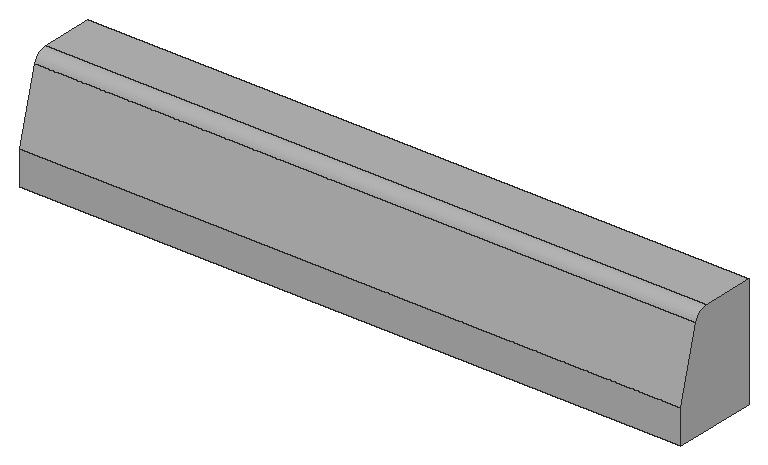
Revit family "K196 6x5 Kerb", category Generic Models, Revit 2020
Family settings
  Can host rebar = No
  Round Connector Dimension = Use Diameter
  Part Type = Normal
  Work Plane-Based = No
  Always vertical = Yes
  Cut with Voids When Loaded = No
  Shared = No
  Room Calculation Point = No
Parameters
  Weight = "36Kg."
  Warranty Guarantor Parts = "n/a"
  Warranty Guarantor Labour = "n/a"
  Warranty Duration Unit = "n/a"
  Warranty Duration Parts = "n/a"
  Warranty Duration Labour = "n/a"
  Warranty Description = "n/a"
  Unit Width [instance] = 116 mm
  Unit Length [instance] = 914 mm
  Unit Height [instance] = 155 mm
  URL = "www.killeshal.com"
  Types = "Single"
  Type Comments = "Visit our website for a full list of available products."
  Sustainability Performance = "n/a"
  Structural Class = "n/a"
  Span = "Length."
  Slope = "0.00°"
  Size = "116 Wide x 155 High x 914mm Long."
  Shape = "As per drawing"
  Service Life = "0.000000"
  Serial Number = "n/a"
  Resistance to Fire = "n/a"
  Replacement Cost = "n/a"
  Reference = "n/a"
  Notified Body = "n/a"
  Nominal Cover to Main Bar = "n/a"
  Model = "K/196 Kerb."
  Mechanical Resistance = "n/a"
  Manufacturer = "Killeshal Precast Concrete Ltd."
  Load Bearing = no
  Life Cycle Environmental Load = "n/a"
  Length Options = "914mm."
  Keynote = "The information contained is the sole property of KPC Ltd., any reproduction in part or whole without permission of KPC Ltd. is prohibited."
  Environmental Product Declaration = "n/a"
  Environmental Class = "n/a"
  Durability against Corrosion = "n/a"
  Dimension Accuracy Class = "I.S. EN 1340:2003"
  Detailing = "As per design specification and product drawings."
  Description = "6\" x 5\" Pressed Kerb."
  Default Elevation = 0 mm
  Dangerous Substances = "n/a"
  Contact Tel = "0035357 9353018"
  Contact Email = "sales@killeshal.com"
  Construction Type = "Precast"
  Construction Tolerance Class = "I.S. EN 1340:2003"
  Compressive Strength of Concrete = "n/a"
  Characteristics of Reinforcing Steel = "n/a"
  Characteristics Deflection Under Load = "n/a"
Reference planes
  plane 1 "Center (Front/Back)": y = 0
  plane 2: z = 0
  plane 3 "Center (Left/Right)": x = 0
  plane 4 "Rear": y = 58
  plane 5 "Front": y = -58
  plane 6 "Top": z = 155
  plane 7 "Center L/Y": y = -30
  plane 8 "Center L/Z": z = 47
Forms (mm)
  Extrusion 1, solid, material "Precast Concrete (KPC)"
    sketch origin (0, 0, 0) x (0, 1, 0) y (0, 0, 1)
      loop
        line (58, 0) -> (58, 155) -> (-14.4, 155)
        arc (-14.4, 155) -> (-25.96, 151.078) -> (-32.749, 140.933) r 19
        line (-32.749, 140.933) -> (-58, 47) -> (-58, 0) -> (58, 0)
    from 0 to 914
Dimensions and locks
  "Unit Length": Extrusion 1 to Extrusion 1
  "Unit Width": Extrusion 1 to Extrusion 1
  plane 4 "Rear" to plane 7 "Center L/Y" = 88 mm
  "Unit Height": Extrusion 1 to Extrusion 1
  plane 8 "Center L/Z" to level = 47 mm
  aligned and locked: level to plane 2
Automatic sketch dimensions
  Extrusion 1 sketch curve to level = 0 mm
  Extrusion 1 sketch curve to plane 5 "Front" = 0 mm
  Extrusion 1 sketch curve to plane 6 "Top" = 0 mm
  Extrusion 1 sketch curve to plane 4 "Rear" = 0 mm
  Extrusion 1 sketch curve to plane 8 "Center L/Z" = 0 mm
  Extrusion 1 sketch curve to plane 7 "Center L/Y" = 2.749 mm
  plane 1 "Center (Front/Back)" to Extrusion 1 sketch curve = 14.4 mm
  Extrusion 1 sketch curve to Extrusion 1 sketch curve = 19 mm
